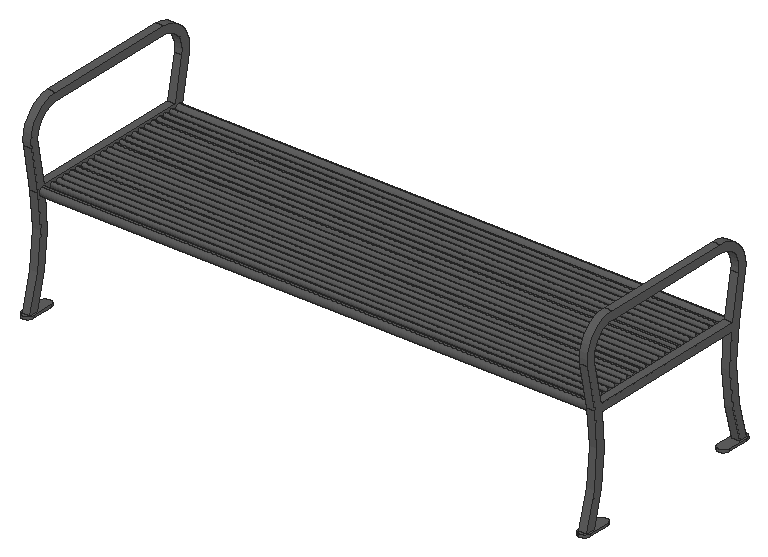
Revit family
Parameters (values of type "MR1-1100")
  URL = "http://www.sitescapesonline.com/index.asp"
  Type Comments = "Backless Bench"
  Side Panel Width = Length  # 6' - 0"
  Product Page URL = "http://www.sitescapesonline.com/meridian-park-benches.asp"
  Product Documentation Link = "http://www.sitescapesonline.com/PDF/MR1-1100%20-%20Customer%20Print.PDF"
  Panel Side Inset Bottom = 1' - 2 23/32"  # constant formula
  Panel Side Inset Back = 0' - 5 1/2"  # constant formula
  Panel Seat Inset Bottom = 1' - 2 1/4"
  Panel Seat Inset Back = 1' - 9 97/256"
  Panel Back Width = 5' - 8"
  Panel Back Inset Bottom = 2' - 8 241/256"  # constant formula
  Panel Back Inset Back = 0' - 2 3/16"  # constant formula
  Model = "MR1-1100"
  Manufacturer = "SiteScapes Inc."  # constant formula
  Length = 6' - 0"
  Height = 2' - 0"
  Frame Width = 5' - 10"
  Bench Material = Steel - SiteScapes - Powder Coat - Onyx
  Frame Back Inset Bottom = 1' - 2 1/4"
  Frame Back Inset Back = 0' - 1 65/256"
  Description = "Metal Rod, Backless Bench, Six foot length, Steel Bar Ends"
  Depth = 2' - 2 7/16"
  Copyright © = "2010 SiteScapes Inc."  # constant formula
  Bracing Inset Bottom = 1' - 2 1/4"
  Bracing Inset Back = 1' - 11 241/256"
  Seat Panel = Seat-Panel-SiteScapes-Backless_Half_Round_Steel_Bar : Seat_Straps-6ft
  Bracing Horizontal Type = Bracing-Horizontal-SiteScapes-Steel_Support_Pipe : 1 1/2"x1/4"
  Back Type = Bracing-Horizontal-SiteScapes-Steel_Support_Pipe : 1 1/2"x1/4"
  Bench End = Bench-End-SiteScapes-Backless_Steel_Bar : 27 3/4"x33 7/8"
Types (5): name | Side Panel Width | Product Documentation Link | Panel Seat Inset Bottom | Panel Seat Inset Back | Panel Back Width | Model | Length | Height | Frame Width | Frame Back Inset Bottom | Frame Back Inset Back | Description | Depth | Bracing Inset Bottom | Bracing Inset Back | Seat Panel | Bracing Horizontal Type | Back Type | Bench End
  (no name) | 6' - 0" | "http://www.sitescapesonline.com/PDF/MR1-1100%20-%20Customer%20Print.PDF" | 1' - 2 1/4" | 1' - 9 97/256" | 5' - 8" | "MR1-1100" | 6' - 0" | 2' - 0" | 5' - 10" | 1' - 2 1/4" | 0' - 1 65/256" | "Metal Rod, Backless Bench, Six foot length, Steel Bar Ends" | 2' - 2 7/16" | 1' - 2 1/4" | 1' - 11 241/256" | Seat-Panel-SiteScapes-Backless_Half_Round_Steel_Bar : Seat_Straps-6ft | Bracing-Horizontal-SiteScapes-Steel_Support_Pipe : 1 1/2"x1/4" | Bracing-Horizontal-SiteScapes-Steel_Support_Pipe : 1 1/2"x1/4" | Bench-End-SiteScapes-Backless_Steel_Bar : 27 3/4"x33 7/8"
  MR1-1100 | 6' - 0" | "http://www.sitescapesonline.com/PDF/MR1-1100%20-%20Customer%20Print.PDF" | 1' - 2 1/4" | 1' - 9 97/256" | 5' - 8" | "MR1-1100" | 6' - 0" | 2' - 0" | 5' - 10" | 1' - 2 1/4" | 0' - 1 65/256" | "Metal Rod, Backless Bench, Six foot length, Steel Bar Ends" | 2' - 2 7/16" | 1' - 2 1/4" | 1' - 11 241/256" | Seat-Panel-SiteScapes-Backless_Half_Round_Steel_Bar : Seat_Straps-6ft | Bracing-Horizontal-SiteScapes-Steel_Support_Pipe : 1 1/2"x1/4" | Bracing-Horizontal-SiteScapes-Steel_Support_Pipe : 1 1/2"x1/4" | Bench-End-SiteScapes-Backless_Steel_Bar : 27 3/4"x33 7/8"
  MR1-1110 | 6' - 0" | "http://www.sitescapesonline.com/PDF/MR1-1110%20-%20Customer%20Print.PDF" | 1' - 3" | 1' - 8 1/4" | 5' - 8" | "MR1-1110" | 6' - 0" | 1' - 6" | 5' - 10" | 1' - 3" | 0' - 0 177/256" | "Metal Rod, Backless Bench, Six foot length,Cast Iron Ends" | 1' - 10 13/16" | 1' - 3" | 1' - 10 225/256" | Seat-Panel-SiteScapes-Backless_Half_Round_Steel_Bar : Seat_Straps-6ft | Bracing-Horizontal-SiteScapes-Support_Pipes : 21"x1.2" | Unused-SiteScapes-Component : Empty Space | Bench-End-SiteScapes-Backless_Cast_Iron : 27 1/4"x34 3/8"
  MR1-2100 | 8' - 0" | "http://www.sitescapesonline.com/PDF/MR1-2100%20-%20Customer%20Print.PDF" | 1' - 2 1/4" | 1' - 9 97/256" | 7' - 8" | "MR1-2100" | 8' - 0" | 2' - 0" | 7' - 10" | 1' - 2 1/4" | 0' - 1 65/256" | "Metal Rod, Backless Bench, Eight foot length, Steel Bar Ends" | 1' - 9" | 1' - 2 1/4" | 1' - 11 241/256" | Seat-Panel-SiteScapes-Backless_Half_Round_Steel_Bar : Seat_Straps-8ft | Bracing-Horizontal-SiteScapes-Steel_Support_Pipe : 1 1/2"x1/4" | Bracing-Horizontal-SiteScapes-Steel_Support_Pipe : 1 1/2"x1/4" | Bench-End-SiteScapes-Backless_Steel_Bar : 27 3/4"x33 7/8"
  MR1-2110 | 8' - 0" | "http://www.sitescapesonline.com/PDF/MR1-2110%20-%20Customer%20Print.PDF" | 1' - 3" | 1' - 8 1/4" | 7' - 8" | "MR1-2110" | 8' - 0" | 1' - 5 7/8" | 7' - 10" | 1' - 3" | 0' - 0 177/256" | "Metal Rod, Backless Bench, Eight foot length,Cast Iron Ends" | 1' - 11 13/16" | 1' - 3" | 1' - 10 225/256" | Seat-Panel-SiteScapes-Backless_Half_Round_Steel_Bar : Seat_Straps-8ft | Bracing-Horizontal-SiteScapes-Support_Pipes : 21"x1.2" | Unused-SiteScapes-Component : Empty Space | Bench-End-SiteScapes-Backless_Cast_Iron : 27 1/4"x34 3/8"
Reference planes (in)
  plane 1 "Center Front/Back": y = 0
  plane 2 "Original Bottom": z = 0
  plane 3 "Center Left/Right": x = 0
  plane 4 "Left": x = -36
  plane 5 "Right": x = 36
  plane 6 "Side Panel Width L": x = -35
  plane 7 "Side Panel Width R": x = 35
  plane 8 "Front": y = -26.4375
  plane 9 "Frame Side Origin F/B": y = 0
  plane 10 "Frame Side Origin T/B": z = 0
  plane 11 "Frame Back Origin F/B": y = -1.25391
  plane 12 "Frame Back Origin T/B": z = 14.25
  plane 13 "Bracing Origin F/B": y = -23.94141
  plane 14 "Bracing Origin T/B": z = 14.25
  plane 15 "Panel Seat Origin F/B": y = -21.37891
  plane 16 "Panel Seat Origin T/B": z = 14.25
  plane 17 "Panel Back Origin F/B": y = -2.1875
  plane 18 "Panel Side Origin F/B": y = -5.5
  plane 19 "Panel Side Origin T/B": z = 14.71875
  plane 20 "Top": z = 24
  plane 21 "Side Panel Right": x = 36
  plane 22 "Side Panel Left": x = -36
  plane 23 "Arm Rest Origin T/B": z = 14.5
  plane 24 "Arm Rest Origin F/B": y = -4.75
Dimensions and locks (in)
  equal spacing: plane 4 "Left", plane 3 "Center Left/Right", plane 5 "Right"
  "Length": plane 4 "Left" to plane 5 "Right"
  locked: plane 22 "Side Panel Left" to plane 6 "Side Panel Width L" at 1
  locked: plane 7 "Side Panel Width R" to plane 21 "Side Panel Right" at 1
  locked: plane 9 "Frame Side Origin F/B" to plane 1 "Center Front/Back" at 0
  "Panel Back Inset Back": plane 17 "Panel Back Origin F/B" to plane 1 "Center Front/Back"
  "Frame Back Inset Back": plane 11 "Frame Back Origin F/B" to plane 1 "Center Front/Back"
  locked: plane 18 "Panel Side Origin F/B" to plane 1 "Center Front/Back" at 5.5
  "Bracing Inset Back": plane 13 "Bracing Origin F/B" to plane 1 "Center Front/Back"
  "Panel Seat Inset Back": plane 15 "Panel Seat Origin F/B" to plane 1 "Center Front/Back"
  "Depth": plane 8 "Front" to plane 1 "Center Front/Back"
  locked: plane 10 "Frame Side Origin T/B" to plane 2 "Original Bottom" at 0
  "Frame Back Inset Bottom": plane 12 "Frame Back Origin T/B" to plane 2 "Original Bottom"
  "Bracing Inset Bottom": plane 14 "Bracing Origin T/B" to plane 2 "Original Bottom"
  locked: plane 19 "Panel Side Origin T/B" to plane 2 "Original Bottom" at 14.71875
  "Panel Seat Inset Bottom": plane 16 "Panel Seat Origin T/B" to plane 2 "Original Bottom"
  "Height": plane 20 "Top" to plane 2 "Original Bottom"
  equal spacing: plane 22 "Side Panel Left", plane 3 "Center Left/Right", plane 21 "Side Panel Right"
  "Side Panel Width": plane 22 "Side Panel Left" to plane 21 "Side Panel Right"
  locked: plane 23 "Arm Rest Origin T/B" to plane 2 "Original Bottom" at 14.5
  aligned and locked: level to plane 2 "Original Bottom"
  aligned and locked: plane 3 "Center Left/Right" to nested 1
  aligned and locked: nested 1 to plane 17 "Panel Back Origin F/B"
  aligned: plane 12 "Frame Back Origin T/B" to nested 2
  aligned: nested 2 to plane 11 "Frame Back Origin F/B"
  aligned and locked: plane 3 "Center Left/Right" to nested 2
  aligned and locked: plane 14 "Bracing Origin T/B" to nested 3
  aligned and locked: plane 13 "Bracing Origin F/B" to nested 3
  aligned and locked: plane 3 "Center Left/Right" to nested 3
  aligned and locked: plane 15 "Panel Seat Origin F/B" to nested 4
  aligned and locked: plane 3 "Center Left/Right" to nested 4
  aligned and locked: plane 16 "Panel Seat Origin T/B" to nested 4
  aligned and locked: plane 19 "Panel Side Origin T/B" to nested 5
  aligned and locked: nested 6 to plane 18 "Panel Side Origin F/B"
  aligned: plane 19 "Panel Side Origin T/B" to nested 6
  aligned and locked: plane 22 "Side Panel Left" to nested 6
  aligned: nested 5 to plane 21 "Side Panel Right"
  aligned and locked: nested 7 to plane 24 "Arm Rest Origin F/B"
  aligned: plane 23 "Arm Rest Origin T/B" to nested 7
  aligned and locked: plane 3 "Center Left/Right" to nested 7
  aligned and locked: plane 9 "Frame Side Origin F/B" to nested 8
  aligned and locked: nested 8 to plane 10 "Frame Side Origin T/B"
  aligned and locked: plane 9 "Frame Side Origin F/B" to nested 9
  aligned and locked: nested 9 to plane 10 "Frame Side Origin T/B"
  aligned and locked: nested 9 to plane 22 "Side Panel Left"
  aligned and locked: plane 6 "Side Panel Width L" to nested 9
  aligned and locked: nested 8 to plane 7 "Side Panel Width R"
  aligned and locked: plane 21 "Side Panel Right" to nested 8
  aligned and locked: plane 1 "Center Front/Back" to nested 5
  aligned: plane 11 "Frame Back Origin F/B" to nested 2
Nested families (in)
  nested 1: "Unused-SiteScapes-Component" at (0, -2.1875, 0.19141), type "Empty Space"
  nested 2: "Bracing-Horizontal-SiteScapes-Steel_Support_Pipe" at (0, 18.99609, 13.25), type <- "Back Type", type "1 1/2"x1/4""
  nested 3: "Bracing-Horizontal-SiteScapes-Steel_Support_Pipe" at (0, -2.69141, 13.25), type <- "Bracing Horizontal Type", type "1 1/2"x1/4""
  nested 4: "Seat-Panel-SiteScapes-Backless_Half_Round_Steel_Bar" at (0, -12.56641, 13.625), type <- "Seat Panel", type "Seat_Straps-6ft"
  nested 5: "Unused-SiteScapes-Component" at (-36.5, 0, 14.71875), type "Empty Space"
  nested 6: "Unused-SiteScapes-Component" at (-34, -5.5, 0.21875), type "Empty Space"
  nested 7: "Unused-SiteScapes-Component" at (0, -4.75, 0.25), type "Empty Space"
  nested 8: "Bench-End-SiteScapes-Backless_Steel_Bar" at (35.5, -25.1875, 0), type <- "Bench End", type "27 3/4"x33 7/8""
  nested 9: "Bench-End-SiteScapes-Backless_Steel_Bar" at (-35.5, -25.1875, 0), type <- "Bench End", type "27 3/4"x33 7/8""
Definition of nested family "Bracing-Horizontal-SiteScapes-Steel_Support_Pipe"
  Parameters (values of type "Support_Pipe_6ft")
    Manufacturer = "SiteScapes Inc."  # constant formula
    Frame Width = 5' - 10"
    Product Page URL = "http://www.sitescapesonline.com/index.asp"
    Product Documentation Link = ""
    Material = none
    Height = 0' - 1"
    Has Support Bars [instance] = yes
    Depth = 1' - 9 1/2"
    Copyright © = "2010 SiteScapes Inc."  # constant formula
    Bracing Bar Depth = 0' - 1"
    Assembly Code = ""
  Types (2): name | Frame Width
    Support_Pipe_6ft | 5' - 10"
    Support_Pipe_8ft | 7' - 10"
  Reference planes (in)
    plane 1 "Center (Front/Back)": y = 0
    plane 2 "Original Bottom": z = 0
    plane 3 "Center (Left/Right)": x = 0
    plane 4 "Left": x = -35
    plane 5 "Right": x = 35
    plane 6 "Top": z = 1
    plane 7 "Front Inset": y = -20.25
    plane 8 "Front": y = -21.25
  Forms (in)
    Sweep 1, solid, material <- "Material", detail levels medium+fine
      path origin (0, -21.5, 0) x (-1, 0, 0) y (0, 0, 1)
        loop
          line (-35, 1) -> (35, 1)
      profile origin (0, -21.5, 1) x (0, 0, 1) y (0, 1, 0)
        loop
          circle (-0.5, 0.75) r 0.5
  Lines and regions (in)
    Masking region 1, detail levels medium+fine
      outline origin (0, 0, 0) x (0, 1, 0) y (0, 0, 1)
        loop
          circle (-20.75, 0.5) r 0.5
    Masking region 2, detail levels medium+fine
      outline origin (0, -21.5, 0) x (-1, 0, 0) y (0, 0, 1)
        loop
          line (35, 1) -> (-35, 1) -> (-35, 0) -> (35, 0) -> (35, 1)
    Masking region 3, detail levels medium+fine
      outline origin (0, 0, 0) x (1, 0, 0) y (0, 1, 0)
        loop
          line (-35, -20.25) -> (-35, -21.25) -> (35, -21.25) -> (35, -20.25) -> (-35, -20.25)
    model lines, style "Bench Frame", detail levels coarse
      curve 1: line (35, -20.75, 1) -> (-35, -20.75, 1)
  Dimensions and locks (in)
    equal spacing: plane 4 "Left", plane 3 "Center (Left/Right)", plane 5 "Right"
    "Height": plane 6 "Top" to plane 2 "Original Bottom"
    "Bracing Bar Depth": plane 8 "Front" to plane 7 "Front Inset"
    plane 8 "Front" to plane 1 "Center (Front/Back)" = 1' - 9 1/4"
    "Frame Width": plane 4 "Left" to plane 5 "Right"
    aligned and locked: plane 2 "Original Bottom" to level
    aligned and locked: plane 6 "Top" to Sweep 1 sketch curve
    aligned and locked: Sweep 1 to Masking region 2 sketch curve
    aligned and locked: Masking region 2 sketch curve to Sweep 1
    aligned: Masking region 3 to plane 7 "Front Inset"  (x2)
    aligned: plane 7 "Front Inset" to Masking region 3  (x3)
    aligned: Masking region 3 to plane 1 "Center (Front/Back)"  (x2)
    aligned: plane 4 "Left" to Masking region 3  (x3)
    aligned: plane 5 "Right" to Masking region 3  (x2)
    aligned: Masking region 1 to level
    aligned: Masking region 1 to plane 1 "Center (Front/Back)"
    aligned and locked: plane 5 "Right" to curve 1
    aligned and locked: plane 4 "Left" to curve 1
    aligned and locked: profile plane to Sweep 1 sketch curve
    aligned and locked: plane 2 "Original Bottom" to Sweep 1 sketch curve
    aligned and locked: plane 8 "Front" to Masking region 1 sketch curve
    aligned and locked: plane 7 "Front Inset" to Masking region 1 sketch curve
    aligned: Masking region 3 sketch curve to Sweep 1  (x2)
    aligned and locked: plane 4 "Left" to Masking region 3
    aligned and locked: plane 5 "Right" to Masking region 3
    aligned and locked: Masking region 3 to plane 7 "Front Inset"
    aligned and locked: Masking region 3 to plane 8 "Front"
  Automatic sketch dimensions
    Sweep 1 sketch curve to plane 5 "Right" = 0' - 0"
    plane 4 "Left" to Sweep 1 sketch curve = 0' - 0"
    curve 1 to plane 5 "Right" = 0' - 0"
    curve 1 to plane 4 "Left" = 0' - 0"
    Masking region 2 sketch curve to level = 0' - 0"
    Masking region 2 sketch curve to plane 6 "Top" = 0' - 0"
    Sweep 1 sketch curve to Sweep 1 sketch curve = 0' - 0"
    profile plane to Sweep 1 sketch curve = 0' - 0 3/4"
    curve 1 to plane 7 "Front Inset" = 0' - 0 1/2"
    level to Masking region 1 sketch curve = 0' - 0 1/2"
    plane 7 "Front Inset" to Masking region 3 sketch curve = 0' - 0"
    Masking region 3 sketch curve to plane 8 "Front" = 0' - 0"
    plane 4 "Left" to Masking region 3 sketch curve = 0' - 0"
    plane 5 "Right" to Masking region 3 sketch curve = 0' - 0"
Definition of nested family "Seat-Panel-SiteScapes-Backless_Half_Round_Steel_Bar"
  Parameters (values of type "Seat_Straps-6ft")
    Width = 5' - 10"
    Product Page URL = ""
    Product Documentation Link = ""
    Material = Steel - SiteScapes - Powder Coat - Onyx
    Height = 0' - 0.62372"
    Depth = 1' - 8"
    Copyright © = ""
    Assembly Code = ""
  Types (2): name | Width
    Seat_Straps-6ft | 5' - 10"
    Seat_Straps-8ft | 7' - 10"
  Reference planes (in)
    plane 1 "Center (Front/Back)": y = 0
    plane 2 "Original Bottom": z = 0
    plane 3 "Center (Left/Right)": x = 0
    plane 4 "Left": x = -34.75
    plane 5 "Right": x = 34.75
    plane 6 "Front": y = -8.8125
    plane 7 "Right Offset": x = 35
    plane 8 "Left Offset": x = -35
    plane 9 "Back": y = 8.8125
    plane 10: z = 0.62372
    plane 11 "Angle 1": z = 0.31186
    plane 12 "Bar 1 Back": y = -8.1875
    plane 13 "Bar 2 Front": y = -7.8125
    plane 14 "Bar 2 Back": y = -7.1875
    plane 15 "Bar 3 Front": y = -6.8125
    plane 16 "Bar 3 Back": y = -6.1875
    plane 17 "Bar 4 Front": y = -5.8125
    plane 18 "Bar 4 Back": y = -5.1875
    plane 19 "Bar 5 Front": y = -4.8125
    plane 20 "Bar 5 Back": y = -4.1875
    plane 21 "Bar 6 Front": y = -3.8125
    plane 22 "Bar 6 Back": y = -3.1875
    plane 23 "Bar 7 Front": y = -2.8125
    plane 24 "Bar 7 Back": y = -2.1875
    plane 25 "Bar 8 Front": y = -1.8125
    plane 26 "Bar 8 Back": y = -1.1875
    plane 27 "Bar 9 Front": y = -0.8125
    plane 28 "Bar 9 Back": y = -0.1875
    plane 29 "Bar 10 Front": y = 0.1875
    plane 30 "Bar 10 Back": y = 0.8125
    plane 31 "Bar 11 Front": y = 1.1875
    plane 32 "Bar 11 Back": y = 1.8125
    plane 33 "Bar 12 Front": y = 2.1875
    plane 34 "Bar 12 Back": y = 2.8125
    plane 35 "Bar 14 Front": y = 3.1875
    plane 36 "Bar 14 Back": y = 3.8125
    plane 37 "Bar 15 Front": y = 4.1875
    plane 38 "Bar 15 Back": y = 4.8125
    plane 39 "Bar 16 Front": y = 5.1875
    plane 40 "Bar 16 Back": y = 5.8125
    plane 41 "Bar 17 Front": y = 6.1875
    plane 42 "Bar 17 Back": y = 6.8125
    plane 43 "Bar 18 Front": y = 7.1875
    plane 44 "Bar 18 Back": y = 7.8125
    plane 45 "Bar 19 Front": y = 8.1875
    plane 46 "Bar 20 Back": y = 9.8125
    plane 47 "Bar 20 Front": y = 9.1875
    plane 48 "Bar 21 Front": y = -9.8125
    plane 49 "Bar 21 Back": y = -9.1875
  Forms (in)
    Sweep 1, solid, material "Steel - SiteScapes - Powder Coat - Onyx" <- "Material", detail levels medium+fine
      path origin (0, 0, -0.46875) x (1, 0, 0) y (0, 0, 1)
        loop
          line (34.75, 1) -> (-34.75, 1)
      profile origin (0, 0, 0.53125) x (0, 0, -1) y (0, -1, 0)
        loop
          circle (0.21875, 8.5) r 0.3125
        loop
          circle (0.21875, 7.5) r 0.3125
        loop
          circle (0.21875, 6.5) r 0.3125
        loop
          circle (0.21875, 5.5) r 0.3125
        loop
          circle (0.21875, 4.5) r 0.3125
        loop
          circle (0.21875, 3.5) r 0.3125
        loop
          circle (0.21875, 2.5) r 0.3125
        loop
          circle (0.21875, 1.5) r 0.3125
        loop
          circle (0.21875, 0.5) r 0.3125
        loop
          circle (0.21875, -0.5) r 0.3125
        loop
          circle (0.21875, -1.5) r 0.3125
        loop
          circle (0.21875, -2.5) r 0.3125
        loop
          circle (0.21875, -3.5) r 0.3125
        loop
          circle (0.21875, -4.5) r 0.3125
        loop
          circle (0.21875, -5.5) r 0.3125
        loop
          circle (0.21875, -6.5) r 0.3125
        loop
          circle (0.21875, -7.5) r 0.3125
        loop
          circle (0.21875, -8.5) r 0.3125
        loop
          circle (0.21875, 9.5) r 0.3125
        loop
          circle (0.21875, -9.5) r 0.3125
  Lines and regions (in)
    Masking region 1, detail levels medium+fine
      outline origin (0, -8.8125, 0) x (-1, 0, 0) y (0, 0, 1)
        loop
          line (34.75, 0.62372) -> (-34.75, 0.62372) -> (-34.75, 0) -> (34.75, 0) -> (34.75, 0.62372)
    Masking region 2, detail levels medium+fine
      outline origin (0, 0, 0) x (0, 1, 0) y (0, 0, 1)
        loop
          circle (-8.5, 0.3125) r 0.3125
        loop
          circle (-7.5, 0.3125) r 0.3125
        loop
          circle (-6.5, 0.3125) r 0.3125
        loop
          circle (-5.5, 0.3125) r 0.3125
        loop
          circle (-4.5, 0.3125) r 0.3125
        loop
          circle (-3.5, 0.3125) r 0.3125
        loop
          circle (-2.5, 0.3125) r 0.3125
        loop
          circle (-1.5, 0.3125) r 0.3125
        loop
          circle (-0.5, 0.3125) r 0.3125
        loop
          circle (0.5, 0.3125) r 0.3125
        loop
          circle (1.5, 0.3125) r 0.3125
        loop
          circle (2.5, 0.3125) r 0.3125
        loop
          circle (3.5, 0.3125) r 0.3125
        loop
          circle (4.5, 0.3125) r 0.3125
        loop
          circle (5.5, 0.3125) r 0.3125
        loop
          circle (6.5, 0.3125) r 0.3125
        loop
          circle (7.5, 0.3125) r 0.3125
        loop
          circle (8.5, 0.3125) r 0.3125
    Masking region 3, detail levels medium+fine
      outline origin (0, 0, 0) x (1, 0, 0) y (0, 1, 0)
        loop
          line (-34.75, 8.8125) -> (-34.75, 8.1875) -> (34.75, 8.1875) -> (34.75, 8.8125) -> (-34.75, 8.8125)
        loop
          line (-34.75, 7.8125) -> (-34.75, 7.1875) -> (34.75, 7.1875) -> (34.75, 7.8125) -> (-34.75, 7.8125)
        loop
          line (-34.75, 6.8125) -> (-34.75, 6.1875) -> (34.75, 6.1875) -> (34.75, 6.8125) -> (-34.75, 6.8125)
        loop
          line (-34.75, 5.8125) -> (-34.75, 5.1875) -> (34.75, 5.1875) -> (34.75, 5.8125) -> (-34.75, 5.8125)
        loop
          line (-34.75, 4.8125) -> (-34.75, 4.1875) -> (34.75, 4.1875) -> (34.75, 4.8125) -> (-34.75, 4.8125)
        loop
          line (-34.75, 3.8125) -> (-34.75, 3.1875) -> (34.75, 3.1875) -> (34.75, 3.8125) -> (-34.75, 3.8125)
        loop
          line (-34.75, 2.8125) -> (-34.75, 2.1875) -> (34.75, 2.1875) -> (34.75, 2.8125) -> (-34.75, 2.8125)
        loop
          line (-34.75, 1.8125) -> (-34.75, 1.1875) -> (34.75, 1.1875) -> (34.75, 1.8125) -> (-34.75, 1.8125)
        loop
          line (-34.75, 0.8125) -> (-34.75, 0.1875) -> (34.75, 0.1875) -> (34.75, 0.8125) -> (-34.75, 0.8125)
        loop
          line (-34.75, -0.1875) -> (-34.75, -0.8125) -> (34.75, -0.8125) -> (34.75, -0.1875) -> (-34.75, -0.1875)
        loop
          line (-34.75, -1.1875) -> (-34.75, -1.8125) -> (34.75, -1.8125) -> (34.75, -1.1875) -> (-34.75, -1.1875)
        loop
          line (-34.75, -2.1875) -> (-34.75, -2.8125) -> (34.75, -2.8125) -> (34.75, -2.1875) -> (-34.75, -2.1875)
        loop
          line (-34.75, -3.1875) -> (-34.75, -3.8125) -> (34.75, -3.8125) -> (34.75, -3.1875) -> (-34.75, -3.1875)
        loop
          line (-34.75, -4.1875) -> (-34.75, -4.8125) -> (34.75, -4.8125) -> (34.75, -4.1875) -> (-34.75, -4.1875)
        loop
          line (-34.75, -5.1875) -> (-34.75, -5.8125) -> (34.75, -5.8125) -> (34.75, -5.1875) -> (-34.75, -5.1875)
        loop
          line (-34.75, -6.1875) -> (-34.75, -6.8125) -> (34.75, -6.8125) -> (34.75, -6.1875) -> (-34.75, -6.1875)
        loop
          line (-34.75, -7.1875) -> (-34.75, -7.8125) -> (34.75, -7.8125) -> (34.75, -7.1875) -> (-34.75, -7.1875)
        loop
          line (-34.75, -8.1875) -> (-34.75, -8.8125) -> (34.75, -8.8125) -> (34.75, -8.1875) -> (-34.75, -8.1875)
        loop
          line (-34.75, 9.8125) -> (-34.75, 9.1875) -> (34.75, 9.1875) -> (34.75, 9.8125) -> (-34.75, 9.8125)
        loop
          line (-34.75, -9.1875) -> (-34.75, -9.8125) -> (34.75, -9.8125) -> (34.75, -9.1875) -> (-34.75, -9.1875)
    model lines, style "Bench Seat", detail levels coarse
      curve 1: line (-34.75, -8.5, 0.31186) -> (34.75, -8.5, 0.31186)
      curve 2: line (-34.75, -7.5, 0.31186) -> (34.75, -7.5, 0.31186)
      curve 3: line (-34.75, -6.5, 0.31186) -> (34.75, -6.5, 0.31186)
      curve 4: line (-34.75, -5.5, 0.31186) -> (34.75, -5.5, 0.31186)
      curve 5: line (34.75, -4.5, 0.31186) -> (-34.75, -4.5, 0.31186)
      curve 6: line (34.75, -3.5, 0.31186) -> (-34.75, -3.5, 0.31186)
      curve 7: line (34.75, -2.5, 0.31186) -> (-34.75, -2.5, 0.31186)
      curve 8: line (34.75, -1.5, 0.31186) -> (-34.75, -1.5, 0.31186)
      curve 9: line (34.75, -0.5, 0.31186) -> (-34.75, -0.5, 0.31186)
      curve 10: line (-34.75, 0.5, 0.31186) -> (34.75, 0.5, 0.31186)
      curve 11: line (-34.75, 1.5, 0.31186) -> (34.75, 1.5, 0.31186)
      curve 12: line (-34.75, 2.5, 0.31186) -> (34.75, 2.5, 0.31186)
      curve 13: line (-34.75, 3.5, 0.31186) -> (34.75, 3.5, 0.31186)
      curve 14: line (34.75, 4.5, 0.31186) -> (-34.75, 4.5, 0.31186)
      curve 15: line (34.75, 5.5, 0.31186) -> (-34.75, 5.5, 0.31186)
      curve 16: line (34.75, 6.5, 0.31186) -> (-34.75, 6.5, 0.31186)
      curve 17: line (34.75, 7.5, 0.31186) -> (-34.75, 7.5, 0.31186)
      curve 18: line (34.75, 8.5, 0.31186) -> (-34.75, 8.5, 0.31186)
  Dimensions and locks (in)
    equal spacing: plane 4 "Left", plane 3 "Center (Left/Right)", plane 5 "Right"
    locked: plane 5 "Right" to plane 7 "Right Offset" at 0.25
    locked: plane 8 "Left Offset" to plane 4 "Left" at 0.25
    equal spacing: plane 9 "Back", plane 1 "Center (Front/Back)", plane 6 "Front"
    "Height": plane 10 to level
    equal spacing: plane 10, plane 11 "Angle 1", level, locked at 0.31186 each
    "Width": plane 8 "Left Offset" to plane 7 "Right Offset"
    locked: plane 12 "Bar 1 Back" to plane 6 "Front" at 0.625
    locked: plane 16 "Bar 3 Back" to plane 15 "Bar 3 Front" at 0.625
    locked: plane 14 "Bar 2 Back" to plane 13 "Bar 2 Front" at 0.625
    locked: plane 18 "Bar 4 Back" to plane 17 "Bar 4 Front" at 0.625
    locked: plane 20 "Bar 5 Back" to plane 19 "Bar 5 Front" at 0.625
    locked: plane 24 "Bar 7 Back" to plane 23 "Bar 7 Front" at 0.625
    locked: plane 22 "Bar 6 Back" to plane 21 "Bar 6 Front" at 0.625
    locked: plane 26 "Bar 8 Back" to plane 25 "Bar 8 Front" at 0.625
    locked: plane 28 "Bar 9 Back" to plane 27 "Bar 9 Front" at 0.625
    locked: plane 32 "Bar 11 Back" to plane 31 "Bar 11 Front" at 0.625
    locked: plane 30 "Bar 10 Back" to plane 29 "Bar 10 Front" at 0.625
    locked: plane 34 "Bar 12 Back" to plane 33 "Bar 12 Front" at 0.625
    locked: plane 36 "Bar 14 Back" to plane 35 "Bar 14 Front" at 0.625
    locked: plane 40 "Bar 16 Back" to plane 39 "Bar 16 Front" at 0.625
    locked: plane 38 "Bar 15 Back" to plane 37 "Bar 15 Front" at 0.625
    locked: plane 42 "Bar 17 Back" to plane 41 "Bar 17 Front" at 0.625
    locked: plane 44 "Bar 18 Back" to plane 43 "Bar 18 Front" at 0.625
    locked: plane 49 "Bar 21 Back" to plane 48 "Bar 21 Front" at 0.625
    aligned and locked: plane 2 "Original Bottom" to level
    aligned and locked: plane 5 "Right" to Sweep 1 sketch curve
    aligned and locked: plane 4 "Left" to Sweep 1 sketch curve
    aligned and locked: Masking region 1 sketch curve to Sweep 1  (x2)
    aligned and locked: level to Sweep 1  (x2)
    aligned and locked: Masking region 1 to plane 10
    aligned and locked: Masking region 2 sketch curve to Sweep 1  (x36)
    aligned and locked: Masking region 3 sketch curve to plane 9 "Back"
    aligned and locked: Masking region 3 sketch curve to Sweep 1  (x18)
    aligned and locked: Sweep 1 to Masking region 3 sketch curve  (x19)
    aligned and locked: plane 6 "Front" to Masking region 3 sketch curve
    aligned and locked: curve 1 to Sweep 1
    aligned and locked: curve 2 to Sweep 1
    aligned and locked: curve 3 to Sweep 1
    aligned and locked: curve 4 to Sweep 1
    aligned and locked: curve 5 to Sweep 1
    aligned and locked: curve 6 to Sweep 1
    aligned and locked: Sweep 1 to curve 7
    aligned and locked: curve 7 to Sweep 1
    aligned and locked: curve 8 to Sweep 1  (x2)
    aligned and locked: curve 9 to Sweep 1
    aligned and locked: curve 10 to Sweep 1
    aligned and locked: curve 11 to Sweep 1
    aligned and locked: curve 12 to Sweep 1
    aligned and locked: curve 13 to Sweep 1
    aligned and locked: curve 14 to Sweep 1
    aligned and locked: curve 15 to Sweep 1
    aligned and locked: curve 16 to Sweep 1
    aligned and locked: curve 17 to Sweep 1
    aligned and locked: plane 5 "Right" to curve 18
    aligned and locked: curve 18 to Sweep 1
    aligned and locked: plane 2 "Original Bottom" to Masking region 1
    aligned and locked: plane 12 "Bar 1 Back" to Masking region 3
    aligned and locked: Masking region 3 to plane 13 "Bar 2 Front"
    aligned and locked: plane 14 "Bar 2 Back" to Masking region 3
    aligned and locked: Masking region 3 to plane 15 "Bar 3 Front"
    aligned and locked: plane 16 "Bar 3 Back" to Masking region 3
    aligned and locked: Masking region 3 to plane 17 "Bar 4 Front"
    aligned and locked: plane 18 "Bar 4 Back" to Masking region 3
    aligned and locked: Masking region 3 to plane 19 "Bar 5 Front"
    aligned and locked: plane 20 "Bar 5 Back" to Masking region 3
    aligned and locked: Masking region 3 to plane 21 "Bar 6 Front"
    aligned and locked: plane 22 "Bar 6 Back" to Masking region 3
    aligned and locked: Masking region 3 to plane 23 "Bar 7 Front"
    aligned and locked: plane 24 "Bar 7 Back" to Masking region 3
    aligned and locked: Masking region 3 to plane 25 "Bar 8 Front"
    aligned and locked: plane 26 "Bar 8 Back" to Masking region 3
    aligned and locked: Masking region 3 to plane 45 "Bar 19 Front"
    aligned and locked: plane 44 "Bar 18 Back" to Masking region 3
    aligned and locked: Masking region 3 to plane 43 "Bar 18 Front"
    aligned and locked: plane 42 "Bar 17 Back" to Masking region 3
    aligned and locked: Masking region 3 to plane 41 "Bar 17 Front"
    aligned and locked: plane 40 "Bar 16 Back" to Masking region 3
    aligned and locked: Masking region 3 to plane 39 "Bar 16 Front"
    aligned and locked: plane 38 "Bar 15 Back" to Masking region 3
    aligned and locked: Masking region 3 to plane 37 "Bar 15 Front"
    aligned and locked: plane 36 "Bar 14 Back" to Masking region 3
    aligned and locked: Masking region 3 to plane 35 "Bar 14 Front"
    aligned and locked: plane 34 "Bar 12 Back" to Masking region 3
    aligned and locked: Masking region 3 to plane 33 "Bar 12 Front"
    aligned and locked: plane 32 "Bar 11 Back" to Masking region 3
    aligned and locked: Masking region 3 to plane 31 "Bar 11 Front"
    aligned and locked: plane 30 "Bar 10 Back" to Masking region 3
    aligned and locked: Masking region 3 to plane 29 "Bar 10 Front"
    aligned and locked: plane 28 "Bar 9 Back" to Masking region 3
    aligned and locked: Masking region 3 to plane 27 "Bar 9 Front"
    aligned and locked: Masking region 3 sketch curve to plane 46 "Bar 20 Back"
    aligned and locked: Masking region 3 sketch curve to plane 47 "Bar 20 Front"
    aligned and locked: Masking region 3 sketch curve to plane 49 "Bar 21 Back"
    aligned and locked: Masking region 3 sketch curve to plane 48 "Bar 21 Front"
  Automatic sketch dimensions
    Sweep 1 sketch curve to plane 10 = 0' - 0.09247"
    Masking region 1 sketch curve to level = 0' - 0"
    Masking region 1 sketch curve to plane 10 = 0' - 0"
    Masking region 3 sketch curve to plane 12 "Bar 1 Back" = 0' - 0"
    Masking region 3 sketch curve to plane 13 "Bar 2 Front" = 0' - 0"
    Masking region 3 sketch curve to plane 14 "Bar 2 Back" = 0' - 0"
    Masking region 3 sketch curve to plane 15 "Bar 3 Front" = 0' - 0"
    Masking region 3 sketch curve to plane 16 "Bar 3 Back" = 0' - 0"
    Masking region 3 sketch curve to plane 17 "Bar 4 Front" = 0' - 0"
    Masking region 3 sketch curve to plane 18 "Bar 4 Back" = 0' - 0"
    Masking region 3 sketch curve to plane 19 "Bar 5 Front" = 0' - 0"
    Masking region 3 sketch curve to plane 20 "Bar 5 Back" = 0' - 0"
    Masking region 3 sketch curve to plane 21 "Bar 6 Front" = 0' - 0"
    Masking region 3 sketch curve to plane 22 "Bar 6 Back" = 0' - 0"
    Masking region 3 sketch curve to plane 23 "Bar 7 Front" = 0' - 0"
    Masking region 3 sketch curve to plane 24 "Bar 7 Back" = 0' - 0"
    Masking region 3 sketch curve to plane 25 "Bar 8 Front" = 0' - 0"
    Masking region 3 sketch curve to plane 26 "Bar 8 Back" = 0' - 0"
    Masking region 3 sketch curve to plane 27 "Bar 9 Front" = 0' - 0"
    Masking region 3 sketch curve to plane 28 "Bar 9 Back" = 0' - 0"
    Masking region 3 sketch curve to plane 29 "Bar 10 Front" = 0' - 0"
    Masking region 3 sketch curve to plane 30 "Bar 10 Back" = 0' - 0"
    Masking region 3 sketch curve to plane 31 "Bar 11 Front" = 0' - 0"
    Masking region 3 sketch curve to plane 32 "Bar 11 Back" = 0' - 0"
    Masking region 3 sketch curve to plane 33 "Bar 12 Front" = 0' - 0"
    Masking region 3 sketch curve to plane 34 "Bar 12 Back" = 0' - 0"
    Masking region 3 sketch curve to plane 35 "Bar 14 Front" = 0' - 0"
    Masking region 3 sketch curve to plane 36 "Bar 14 Back" = 0' - 0"
    Masking region 3 sketch curve to plane 37 "Bar 15 Front" = 0' - 0"
    Masking region 3 sketch curve to plane 38 "Bar 15 Back" = 0' - 0"
    Masking region 3 sketch curve to plane 39 "Bar 16 Front" = 0' - 0"
    Masking region 3 sketch curve to plane 40 "Bar 16 Back" = 0' - 0"
    Masking region 3 sketch curve to plane 41 "Bar 17 Front" = 0' - 0"
    Masking region 3 sketch curve to plane 42 "Bar 17 Back" = 0' - 0"
    Masking region 3 sketch curve to plane 43 "Bar 18 Front" = 0' - 0"
    Masking region 3 sketch curve to plane 44 "Bar 18 Back" = 0' - 0"
    plane 44 "Bar 18 Back" to Masking region 3 sketch curve = 0' - 0 3/8"
    curve 1 to plane 4 "Left" = 0' - 0"
    curve 17 to plane 4 "Left" = 0' - 0"
    curve 2 to plane 4 "Left" = 0' - 0"
    curve 16 to plane 4 "Left" = 0' - 0"
    curve 3 to plane 4 "Left" = 0' - 0"
    curve 15 to plane 4 "Left" = 0' - 0"
    curve 4 to plane 4 "Left" = 0' - 0"
    curve 14 to plane 4 "Left" = 0' - 0"
    curve 13 to plane 4 "Left" = 0' - 0"
    curve 5 to plane 4 "Left" = 0' - 0"
    curve 12 to plane 4 "Left" = 0' - 0"
    curve 6 to plane 4 "Left" = 0' - 0"
    curve 11 to plane 4 "Left" = 0' - 0"
    curve 10 to plane 4 "Left" = 0' - 0"
    curve 8 to plane 4 "Left" = 0' - 0"
    curve 9 to plane 4 "Left" = 0' - 0"
    curve 18 to plane 4 "Left" = 0' - 0"
    curve 10 to plane 5 "Right" = 0' - 0"
    curve 7 to plane 5 "Right" = 0' - 0"
    curve 11 to plane 5 "Right" = 0' - 0"
    curve 6 to plane 5 "Right" = 0' - 0"
    curve 12 to plane 5 "Right" = 0' - 0"
    curve 5 to plane 5 "Right" = 0' - 0"
    curve 13 to plane 5 "Right" = 0' - 0"
    curve 14 to plane 5 "Right" = 0' - 0"
    curve 4 to plane 5 "Right" = 0' - 0"
    curve 15 to plane 5 "Right" = 0' - 0"
    curve 3 to plane 5 "Right" = 0' - 0"
    curve 16 to plane 5 "Right" = 0' - 0"
    curve 2 to plane 5 "Right" = 0' - 0"
    curve 17 to plane 5 "Right" = 0' - 0"
    curve 1 to plane 5 "Right" = 0' - 0"
    curve 9 to plane 5 "Right" = 0' - 0"
    Sweep 1 sketch curve to profile plane = 0' - 0 7/32"  (x20)
    Sweep 1 sketch curve to plane 1 "Center (Front/Back)" = 0' - 9 1/2"
    Sweep 1 sketch curve to Sweep 1 sketch curve = 0' - 1"  (x17)
    Sweep 1 sketch curve to plane 1 "Center (Front/Back)" = 0' - 0 1/2"
    plane 1 "Center (Front/Back)" to Sweep 1 sketch curve = 0' - 0 1/2"
    Masking region 3 sketch curve to plane 4 "Left" = 0' - 0"  (x2)
    Masking region 3 sketch curve to plane 5 "Right" = 0' - 0"
    radius of Sweep 1 sketch curve = 0' - 0 5/16"  (x20)
Definition of nested family "Bench-End-SiteScapes-Backless_Steel_Bar"
  Parameters (values of type "27 3/4"x33 7/8"")
    Width = 0' - 1"
    URL = "http://www.sitescapesonline.com/index.asp"
    Product Page URL = ""
    Product Documentation Link = ""
    Material = Steel - SiteScapes - Powder Coat - Onyx
    Manufacturer = "SiteScapes Inc."  # constant formula
    Frame Back Height = 2' - 9 7/8"
    Depth = 2' - 1 3/16"
    Copyright © = "2010 SiteScapes Inc."  # constant formula
    Bracing Height Inset = 1' - 2 1/2"
    Assembly Code = ""
    Arm Rest Height = 2' - 0"
  Reference planes (in)
    plane 1 "Center (Front/Back)": y = 0
    plane 2 "Original Bottom": z = 0
    plane 3 "Center (Left/Right)": x = 0
    plane 4 "Left": x = -0.5
    plane 5 "Right": x = 0.5
    plane 6 "Front": y = -25.1875
    plane 7 "Arm Rest Top": z = 24
    plane 8 "Frame Horizontal Top": z = 14.5
    plane 9 "Right Offset": x = 0.75
    plane 10 "Left Offset": x = -0.75
    plane 11 "Front Inset": y = -20.9375
    plane 12 "Back Inset": y = -4.25
    plane 13 "Bottom Base": z = 0.25
  Forms (in)
    Sweep 1, solid, material "Steel - SiteScapes - Powder Coat - Onyx" <- "Material", detail levels medium+fine
      path origin (0, 0, 0) x (1, 0, 0) y (0, 0, 1)
        loop
          line (0.5, 33.875) -> (-0.5, 33.875)
      profile origin (0, 0, 33.875) x (0, 0, -1) y (0, -1, 0)
        loop
          arc (33.625, 25.30254) -> (26.93232, 23.75614) -> (20.07141, 24.08955) r 25
          line (20.07141, 24.08955) -> (14.61632, 25.11864)
          arc (14.61632, 25.11864) -> (11.32219, 24.26748) -> (9.87512, 21.18823) r 3.99974
          line (9.87512, 21.18823) -> (9.87512, 3.99793)
          arc (9.87512, 3.99793) -> (11.3229, 0.92) -> (14.61622, 0.06926) r 3.99994
          line (14.61622, 0.06926) -> (20.07152, 1.0979)
          arc (20.07152, 1.0979) -> (26.93238, 1.43129) -> (33.625, -0.11512) r 25
          line (33.625, -0.11512) -> (33.625, 0.95237)
          arc (33.625, 0.95237) -> (27.20518, 2.41021) -> (20.625, 2.20888) r 26
          line (20.625, 2.20888) -> (20.625, 22.97855)
          arc (20.625, 22.97855) -> (27.20518, 22.77722) -> (33.625, 24.23505) r 26
          line (33.625, 24.23505) -> (33.625, 25.30254)
        loop
          line (19.625, 2.0313) -> (19.625, 23.1534) -> (14.43237, 24.13523)
          arc (14.43237, 24.13523) -> (11.96086, 23.49745) -> (10.875, 21.18746) r 3
          line (10.875, 21.18746) -> (10.875, 3.99996)
          arc (10.875, 3.99996) -> (11.96027, 1.69046) -> (14.43088, 1.05191) r 3
          line (14.43088, 1.05191) -> (19.625, 2.0313)
    Extrusion 2, solid, material "Steel - SiteScapes - Powder Coat - Onyx" <- "Material", detail levels medium+fine
      sketch origin (-35.89032, -36.01774, 0) x (1, 0, 0) y (0, 1, 0)
        loop
          arc (36.64032, 35.88337) -> (35.89032, 36.63337) -> (35.14032, 35.88337) r 0.75
          line (35.14032, 35.88337) -> (35.14032, 33.13286)
          arc (35.14032, 33.13286) -> (35.35999, 32.60253) -> (35.89032, 32.38286) r 0.75
          arc (35.89032, 32.38286) -> (36.42065, 32.60253) -> (36.64032, 33.13286) r 0.75
          line (36.64032, 33.13286) -> (36.64032, 35.88337)
      from 0 to 0.25
    Extrusion 3, solid, material "Steel - SiteScapes - Powder Coat - Onyx" <- "Material", detail levels medium+fine
      sketch origin (-35.89032, -58.18541, 0) x (1, 0, 0) y (0, 1, 0)
        loop
          arc (36.64032, 35.88337) -> (35.89032, 36.63337) -> (35.14032, 35.88337) r 0.75
          line (35.14032, 35.88337) -> (35.14032, 33.13286)
          arc (35.14032, 33.13286) -> (35.35999, 32.60253) -> (35.89032, 32.38286) r 0.75
          arc (35.89032, 32.38286) -> (36.42065, 32.60253) -> (36.64032, 33.13286) r 0.75
          line (36.64032, 33.13286) -> (36.64032, 35.88337)
      from 0 to 0.25
  Cuts and joins
    joined: Sweep 1, Extrusion 2, Extrusion 3
  Lines and regions (in)
    Masking region 1, detail levels medium+fine
      outline origin (0, -27.75, 0) x (-1, 0, 0) y (0, 0, 1)
        loop
          line (0.75, 0) -> (0.75, 0.25) -> (0.5, 0.25) -> (0.5, 24) -> (-0.5, 24) -> (-0.5, 0.25) -> (-0.75, 0.25) -> (-0.75, 0) -> (0.75, 0)
    Masking region 2, detail levels medium+fine
      outline origin (0, 0, 0) x (0, 1, 0) y (0, 0, 1)
        loop
          arc (-0.06926, 19.25878) -> (-0.92, 22.5521) -> (-3.99793, 23.99988) r 3.99994
          line (-3.99793, 23.99988) -> (-21.18823, 23.99988)
          arc (-21.18823, 23.99988) -> (-24.26748, 22.55281) -> (-25.11864, 19.25868) r 3.99974
          line (-25.11864, 19.25868) -> (-24.08955, 13.80359)
          arc (-24.08955, 13.80359) -> (-23.75614, 6.94268) -> (-25.30254, 0.25) r 25
          line (-25.30254, 0.25) -> (-25.80254, 0.25) -> (-25.80254, 0) -> (-21.54655, 0) -> (-21.54655, 0.25) -> (-24.23505, 0.25)
          arc (-24.23505, 0.25) -> (-22.77722, 6.66982) -> (-22.97855, 13.25) r 26
          line (-22.97855, 13.25) -> (-2.20888, 13.25)
          arc (-2.20888, 13.25) -> (-2.41021, 6.66982) -> (-0.95237, 0.25) r 26
          line (-0.95237, 0.25) -> (-3.63488, 0.25) -> (-3.63488, 0) -> (0.61512, 0) -> (0.61512, 0.25) -> (0.11512, 0.25)
          arc (0.11512, 0.25) -> (-1.43129, 6.94262) -> (-1.0979, 13.80348) r 25
          line (-1.0979, 13.80348) -> (-0.06926, 19.25878)
        loop
          arc (-21.18746, 23) -> (-23.49745, 21.91414) -> (-24.13523, 19.44263) r 3
          line (-24.13523, 19.44263) -> (-23.1534, 14.25) -> (-2.0313, 14.25) -> (-1.05191, 19.44412)
          arc (-1.05191, 19.44412) -> (-1.69046, 21.91473) -> (-3.99996, 23) r 3
          line (-3.99996, 23) -> (-21.18746, 23)
    Masking region 3, detail levels medium+fine
      outline origin (0, 0, 24) x (0, -1, 0) y (1, 0, 0)
        loop
          line (0, -0.5) -> (25.1875, -0.5) -> (25.1875, 0.5) -> (0, 0.5) -> (0, -0.5)
    Masking region 4, detail levels fine
      outline origin (0, 0, 0.25) x (0, -1, 0) y (1, 0, 0)
        loop
          line (0.13437, -0.75) -> (2.88488, -0.75)
          arc (2.88488, -0.75) -> (3.41521, -0.53033) -> (3.63488, 0) r 0.75
          arc (3.63488, 0) -> (3.41521, 0.53033) -> (2.88488, 0.75) r 0.75
          line (2.88488, 0.75) -> (0.13437, 0.75)
          arc (0.13437, 0.75) -> (-0.39596, 0.53033) -> (-0.61563, 0) r 0.75
          arc (-0.61563, 0) -> (-0.39596, -0.53033) -> (0.13437, -0.75) r 0.75
        loop
          line (25.05254, 0.75) -> (22.30203, 0.75)
          arc (22.30203, 0.75) -> (21.7717, 0.53033) -> (21.55203, 0) r 0.75
          arc (21.55203, 0) -> (21.7717, -0.53033) -> (22.30203, -0.75) r 0.75
          line (22.30203, -0.75) -> (25.05254, -0.75)
          arc (25.05254, -0.75) -> (25.58287, -0.53033) -> (25.80254, 0) r 0.75
          arc (25.80254, 0) -> (25.58287, 0.53033) -> (25.05254, 0.75) r 0.75
    model lines, style "Bench Frame", detail levels coarse
      curve 1: line (0, -0.06926, 19.25878) -> (0, -1.0979, 13.80348)
      curve 2: line (0, -3.99994, 23.99988) -> (0, -21.18823, 23.99988)
      curve 3: arc (0, -3.99994, 23.99988) -> (0, -0.92065, 22.55287) -> (0, -0.06926, 19.25878) r 3.99994
      curve 4: line (0, -23.92645, 12.83435) -> (0, -25.11864, 19.25868)
      curve 5: arc (0, -21.18823, 23.99988) -> (0, -24.26748, 22.55281) -> (0, -25.11864, 19.25868) r 3.99974
      curve 6: arc (0, -23.92645, 12.83435) -> (0, -23.81491, 6.36234) -> (0, -25.36873, 0.07863) r 25
      curve 7: arc (0, -1.0979, 13.80348) -> (0, -1.41863, 6.80543) -> (0, 0.21486, -0.00685) r 25
      curve 8: line (0, -24.18916, 14.25) -> (0, -1.01371, 14.25)
  Dimensions and locks (in)
    equal spacing: plane 4 "Left", plane 3 "Center (Left/Right)", plane 5 "Right"
    "Width": plane 4 "Left" to plane 5 "Right"
    "Depth": plane 6 "Front" to plane 1 "Center (Front/Back)"  (x2)
    "Arm Rest Height": plane 7 "Arm Rest Top" to plane 2 "Original Bottom"
    "Bracing Height Inset": plane 8 "Frame Horizontal Top" to plane 2 "Original Bottom"
    locked: plane 5 "Right" to plane 9 "Right Offset" at 0.25
    locked: plane 10 "Left Offset" to plane 4 "Left" at 0.25
    locked: plane 12 "Back Inset" to plane 1 "Center (Front/Back)" at 4.25
    locked: plane 6 "Front" to plane 11 "Front Inset" at 4.25
    locked: plane 13 "Bottom Base" to plane 2 "Original Bottom" at 0.25
    aligned and locked: plane 2 "Original Bottom" to level
    aligned and locked: plane 5 "Right" to Sweep 1 sketch curve
    aligned and locked: plane 4 "Left" to Sweep 1 sketch curve
    aligned: Masking region 1 to plane 9 "Right Offset"
    aligned: Masking region 1 to plane 10 "Left Offset"
    aligned and locked: Masking region 1 to plane 5 "Right"
    aligned and locked: Masking region 1 to plane 4 "Left"
    aligned and locked: level to Masking region 1
    aligned and locked: Masking region 2 sketch curve to Sweep 1  (x2)
    aligned: Masking region 2 sketch curve to Sweep 1  (x2)
    aligned and locked: Sweep 1 to Masking region 2 sketch curve
    aligned: Sweep 1 to Masking region 2 sketch curve
    aligned and locked: Masking region 3 sketch curve to Sweep 1
    aligned and locked: Sweep 1 to Masking region 3 sketch curve
    aligned: Masking region 1 to Sweep 1  (x2)
    aligned and locked: Masking region 1 to plane 7 "Arm Rest Top"
    aligned and locked: Masking region 1 to plane 9 "Right Offset"
    aligned and locked: Masking region 1 to plane 13 "Bottom Base"  (x2)
    aligned and locked: Masking region 1 to plane 10 "Left Offset"
    aligned and locked: curve 5 to cut or joined group of Sweep 1, Extrusion 2, Extrusion 3
    aligned and locked: curve 3 to cut or joined group of Sweep 1, Extrusion 2, Extrusion 3
    aligned and locked: curve 7 to cut or joined group of Sweep 1, Extrusion 2, Extrusion 3
    aligned and locked: curve 6 to cut or joined group of Sweep 1, Extrusion 2, Extrusion 3
    aligned and locked: Masking region 2 sketch curve to cut or joined group of Sweep 1, Extrusion 2, Extrusion 3  (x17)
    aligned and locked: plane 13 "Bottom Base" to Masking region 2 sketch curve  (x4)
    aligned and locked: Masking region 2 sketch curve to plane 2 "Original Bottom"  (x2)
    aligned and locked: plane 13 "Bottom Base" to cut or joined group of Sweep 1, Extrusion 2, Extrusion 3  (x2)
    aligned and locked: cut or joined group of Sweep 1, Extrusion 2, Extrusion 3 to plane 2 "Original Bottom"  (x2)
    aligned and locked: plane 13 "Bottom Base" to Masking region 1 sketch curve  (x2)
    aligned and locked: plane 10 "Left Offset" to Masking region 1 sketch curve
    aligned and locked: Masking region 1 sketch curve to plane 2 "Original Bottom"
    aligned and locked: plane 4 "Left" to Masking region 1 sketch curve
    aligned and locked: plane 5 "Right" to Masking region 1 sketch curve
    aligned and locked: plane 9 "Right Offset" to Masking region 1 sketch curve
    aligned and locked: plane 7 "Arm Rest Top" to Masking region 1 sketch curve
    aligned and locked: plane 1 "Center (Front/Back)" to Masking region 3 sketch curve
    aligned and locked: plane 6 "Front" to Masking region 3 sketch curve
    aligned and locked: Masking region 4 sketch curve to cut or joined group of Sweep 1, Extrusion 2, Extrusion 3  (x8)
    aligned and locked: plane 3 "Center (Left/Right)" to Masking region 4 sketch curve
  Automatic sketch dimensions
    plane 7 "Arm Rest Top" to Sweep 1 sketch curve = 0' - 9 7/8"
    Sweep 1 sketch curve to profile plane = 0' - 9.87512"
    Sweep 1 sketch curve to Sweep 1 sketch curve = 0' - 0.99988"
    Sweep 1 sketch curve to Sweep 1 sketch curve = 0' - 2.99985"
    Sweep 1 sketch curve to Sweep 1 sketch curve = 0' - 0.00015"
    Sweep 1 sketch curve to Sweep 1 sketch curve = 0' - 3"
    Sweep 1 sketch curve to Sweep 1 sketch curve = 0' - 0.00006"
    plane 1 "Center (Front/Back)" to Sweep 1 sketch curve = 0' - 1.05191"
    Sweep 1 sketch curve to Sweep 1 sketch curve = 0' - 0.55582"
    Sweep 1 sketch curve to Sweep 1 sketch curve = 0' - 0.55751"
    plane 1 "Center (Front/Back)" to Sweep 1 sketch curve = 0' - 0.06926"
    Sweep 1 sketch curve to Sweep 1 sketch curve = 0' - 0.18534"
    Sweep 1 sketch curve to Sweep 1 sketch curve = 0' - 0.18395"
    plane 1 "Center (Front/Back)" to Sweep 1 sketch curve = 0' - 2.0313"
    Sweep 1 sketch curve to Sweep 1 sketch curve = 0' - 5.19412"
    Sweep 1 sketch curve to Sweep 1 sketch curve = 0' - 0.44641"
    Sweep 1 sketch curve to Sweep 1 sketch curve = 0' - 0.44652"
    Sweep 1 sketch curve to Sweep 1 sketch curve = 0' - 1"
    Sweep 1 sketch curve to profile plane = 2' - 0.70382"  (x2)
    Sweep 1 sketch curve to Sweep 1 sketch curve = 0' - 0"  (x3)
    plane 1 "Center (Front/Back)" to Sweep 1 sketch curve = 0' - 0.95237"
    Sweep 1 sketch curve to Sweep 1 sketch curve = 1' - 1"  (x2)
    Sweep 1 sketch curve to plane 1 "Center (Front/Back)" = 0' - 0.11512"
    Sweep 1 sketch curve to plane 1 "Center (Front/Back)" = 1' - 11.46919"
    Sweep 1 sketch curve to Sweep 1 sketch curve = 0' - 0.00204"
    Sweep 1 sketch curve to Sweep 1 sketch curve = 1' - 5 3/16"
    Sweep 1 sketch curve to Sweep 1 sketch curve = 0' - 0.00077"
    Sweep 1 sketch curve to Sweep 1 sketch curve = 0' - 1.15669"
    Sweep 1 sketch curve to Sweep 1 sketch curve = 0' - 0.17486"
    Sweep 1 sketch curve to Sweep 1 sketch curve = 0' - 0.93614"
    Masking region 2 sketch curve to plane 13 "Bottom Base" = 0' - 0"  (x2)
    Masking region 2 sketch curve to level = 0' - 0"
    plane 13 "Bottom Base" to Masking region 2 sketch curve = 0' - 0"
    Masking region 2 sketch curve to plane 8 "Frame Horizontal Top" = 0' - 5.32882"  (x2)
    Masking region 2 sketch curve to plane 6 "Front" = 1' - 11.46911"
    Masking region 2 sketch curve to Masking region 2 sketch curve = 0' - 0"  (x2)
    Masking region 2 sketch curve to plane 6 "Front" = 0' - 0.61504"
    Masking region 2 sketch curve to plane 6 "Front" = 0' - 0.11504"
    plane 6 "Front" to Masking region 2 sketch curve = 0' - 0.06886"
    plane 6 "Front" to Masking region 2 sketch curve = 0' - 0.95245"
    Masking region 2 sketch curve to Masking region 2 sketch curve = 0' - 0.98341"
    Masking region 2 sketch curve to plane 8 "Frame Horizontal Top" = 0' - 0.69641"
    plane 6 "Front" to Masking region 2 sketch curve = 0' - 1.09795"
    Masking region 2 sketch curve to Masking region 2 sketch curve = 0' - 0.17486"
    Masking region 2 sketch curve to plane 11 "Front Inset" = 0' - 0.60905"
    Masking region 2 sketch curve to plane 11 "Front Inset" = 0' - 0.25073"
    Masking region 2 sketch curve to plane 11 "Front Inset" = 0' - 0.24996"
    plane 12 "Back Inset" to Masking region 2 sketch curve = 0' - 0.25004"
    Masking region 2 sketch curve to Masking region 2 sketch curve = 0' - 0.00002"
    plane 12 "Back Inset" to Masking region 2 sketch curve = 0' - 0.25207"
    plane 12 "Back Inset" to Masking region 2 sketch curve = 0' - 0.61512"
    plane 12 "Back Inset" to Masking region 2 sketch curve = 0' - 2.04112"
    Masking region 2 sketch curve to Masking region 2 sketch curve = 0' - 0.17758"
    Masking region 2 sketch curve to plane 8 "Frame Horizontal Top" = 0' - 0.69652"
    Masking region 2 sketch curve to Masking region 2 sketch curve = 0' - 0.9334"
    plane 1 "Center (Front/Back)" to Masking region 2 sketch curve = 0' - 1.05191"
    plane 1 "Center (Front/Back)" to Masking region 2 sketch curve = 0' - 0.95237"
    plane 1 "Center (Front/Back)" to Masking region 2 sketch curve = 0' - 0.06926"
    Masking region 2 sketch curve to plane 1 "Center (Front/Back)" = 0' - 0.11512"
    Masking region 2 sketch curve to Masking region 2 sketch curve = 0' - 0 1/2"
    Masking region 2 sketch curve to plane 7 "Arm Rest Top" = 0' - 4.74132"
    Masking region 2 sketch curve to plane 7 "Arm Rest Top" = 0' - 4.74122"
    Masking region 2 sketch curve to Masking region 2 sketch curve = 0' - 0.18395"
    Masking region 2 sketch curve to Masking region 2 sketch curve = 0' - 0.18534"
    Masking region 2 sketch curve to Masking region 2 sketch curve = 0' - 0.00006"
    Extrusion 2 sketch curve to plane 3 "Center (Left/Right)" = 0' - 0 3/4"  (x2)
    Extrusion 2 sketch curve to Extrusion 2 sketch curve = 0' - 0"  (x2)
    Extrusion 2 sketch curve to plane 9 "Right Offset" = 0' - 0 3/4"  (x2)
    plane 12 "Back Inset" to Extrusion 2 sketch curve = 0' - 0.61512"
    plane 1 "Center (Front/Back)" to Extrusion 2 sketch curve = 0' - 0.13437"  (x2)
    Extrusion 3 sketch curve to plane 3 "Center (Left/Right)" = 0' - 0 3/4"  (x2)
    Extrusion 3 sketch curve to Extrusion 3 sketch curve = 0' - 0"  (x2)
    Extrusion 3 sketch curve to plane 9 "Right Offset" = 0' - 0 3/4"  (x2)
    Extrusion 3 sketch curve to plane 6 "Front" = 0' - 0.61504"
    Extrusion 3 sketch curve to plane 11 "Front Inset" = 0' - 1.36453"  (x2)
    Sweep 1 sketch curve to Sweep 1 sketch curve = 0' - 1.06749"
    Sweep 1 sketch curve to Sweep 1 sketch curve = 0' - 1.25651"
    curve 8 to plane 8 "Frame Horizontal Top" = 0' - 0 1/4"
    curve 8 to curve 6 = 0' - 0.26271"
    plane 6 "Front" to curve 4 = 0' - 0.06886"
    curve 1 to plane 8 "Frame Horizontal Top" = 0' - 0.69652"
    plane 1 "Center (Front/Back)" to curve 1 = 0' - 0.06926"
    curve 7 to level = 0' - 0.00685"
    level to curve 6 = 0' - 0.07863"
    Masking region 4 sketch curve to Masking region 4 sketch curve = 0' - 0"  (x2)
    plane 3 "Center (Left/Right)" to Masking region 4 sketch curve = 0' - 0"
Definition of nested family "Unused-SiteScapes-Component"
  Parameters (values of type "Empty Space")
    Radius = Diameter / 2  # 0' - 2"
    Diameter = 0' - 4"
    Product Page URL = ""
    Product Documentation Link = ""
    Height = 0' - 2"
    Copyright © = ""
    Assembly Code = ""
  Reference planes (in)
    plane 1 "Center (Front/Back)": y = 0
    plane 2 "Original Bottom": z = 0
    plane 3 "Center (Left/Right)": x = 0
    plane 4 "Left": x = -2
    plane 5 "Right": x = 2
    plane 6 "Front": y = -2
    plane 7 "Top": z = 2
    plane 8 "Back": y = 2
  Dimensions and locks (in)
    equal spacing: plane 4 "Left", plane 3 "Center (Left/Right)", plane 5 "Right"
    "Diameter": plane 4 "Left" to plane 5 "Right"
    "Height": plane 7 "Top" to plane 2 "Original Bottom"
    equal spacing: plane 8 "Back", plane 1 "Center (Front/Back)", plane 6 "Front"
    "Diameter": plane 6 "Front" to plane 8 "Back"
    aligned and locked: plane 2 "Original Bottom" to level
